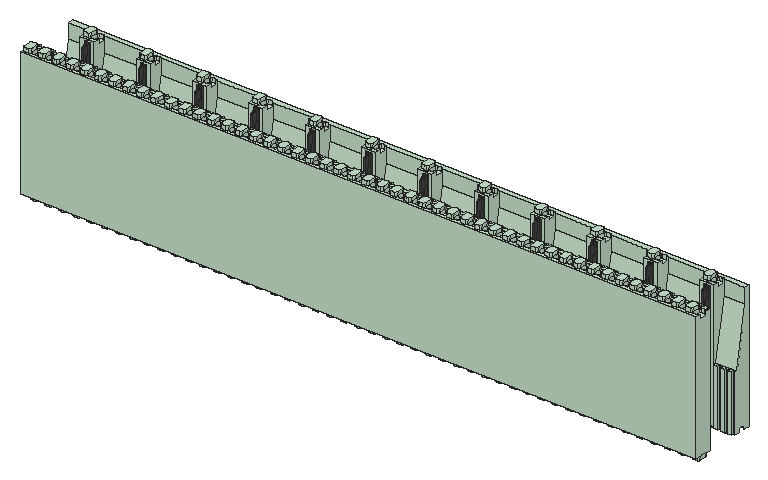
Revit family (continued)
Cuts and joins
  Extrusion 50, Extrusion 51, Extrusion 52, Extrusion 53, Extrusion 54, Extrusion 55, Extrusion 56, Extrusion 57, Extrusion 58, Extrusion 59, Extrusion 60, Extrusion 61, Extrusion 110, Extrusion 111, Extrusion 112, Extrusion 113, Extrusion 114, Extrusion 115, Extrusion 116, Extrusion 117, Extrusion 118, Extrusion 119, Extrusion 120, Extrusion 121, Extrusion 122, Extrusion 123, Extrusion 124, Extrusion 125, Extrusion 126, Extrusion 127, Extrusion 128, Extrusion 129, Extrusion 130, Extrusion 131, Extrusion 132, Extrusion 133, Extrusion 134, Extrusion 135, Extrusion 136, Extrusion 137, Extrusion 138, Extrusion 139, Extrusion 140, Extrusion 141, Extrusion 142, Extrusion 143, Extrusion 144, Extrusion 145, Extrusion 146, Extrusion 147, Extrusion 148, Extrusion 149, Extrusion 150, Extrusion 151, Extrusion 152, Extrusion 153, Extrusion 154, Extrusion 155, Extrusion 156, Extrusion 157 cuts Extrusion 158
  Extrusion 61 cuts Extrusion 159
  Extrusion 60 cuts Extrusion 160
  Extrusion 59 cuts Extrusion 161
  Extrusion 58 cuts Extrusion 162
  Extrusion 57 cuts Extrusion 163
  Extrusion 56 cuts Extrusion 164
  Extrusion 55 cuts Extrusion 165
  Extrusion 54 cuts Extrusion 166
  Extrusion 53 cuts Extrusion 168
  Extrusion 52 cuts Extrusion 169
  Extrusion 51 cuts Extrusion 170
  Extrusion 50 cuts Extrusion 171
  joined: Extrusion 158, Extrusion 159, Extrusion 160, Extrusion 161, Extrusion 162, Extrusion 163, Extrusion 164, Extrusion 165, Extrusion 166, Extrusion 168, Extrusion 169, Extrusion 170, Extrusion 171, Extrusion 172
  Extrusion 53 cuts Extrusion 167
Lines and regions (mm)
  model lines
    curve 1: line (203.2, -92.077, 457.2) -> (203.2, -92.077, 0)
    curve 2: line (2235.2, 142.873, 457.2) -> (2235.2, 142.873, 0)
    curve 3: line (1625.6, 142.873, 457.2) -> (1625.6, 142.873, 0)
    curve 4: line (1016, 142.873, 457.2) -> (1016, 142.873, 0)
    curve 5: line (406.4, 142.873, 457.2) -> (406.4, 142.873, 0)
Dimensions and locks
  aligned and locked: level to plane 2
  aligned and locked: level to Extrusion 1
Nested families
  nested 1: "NUDURA Diamond Pattern" at (0, 50.798, 0), type "NUDURA Diamond Pattern"
  nested 2: "NUDURA Diamond Pattern" at (406.4, 50.798, 0), type "NUDURA Diamond Pattern"
  nested 3: "NUDURA Diamond Pattern" at (609.6, 50.798, 0), type "NUDURA Diamond Pattern"
  nested 4: "NUDURA Diamond Pattern" at (1016, 50.798, 0), type "NUDURA Diamond Pattern"
  nested 5: "NUDURA Diamond Pattern" at (1219.2, 50.798, 0), type "NUDURA Diamond Pattern"
  nested 6: "NUDURA Diamond Pattern" at (1625.6, 50.798, 0), type "NUDURA Diamond Pattern"
  nested 7: "NUDURA Diamond Pattern" at (1828.8, 50.798, 0), type "NUDURA Diamond Pattern"
  nested 8: "NUDURA Diamond Pattern" at (2235.2, 50.798, 0), type "NUDURA Diamond Pattern"
  nested 9: "NUDURA Diamond Pattern" at (0, -0.002, 0), type "NUDURA Diamond Pattern"
  nested 10: "NUDURA Diamond Pattern" at (406.4, -0.002, 0), type "NUDURA Diamond Pattern"
  nested 11: "NUDURA Diamond Pattern" at (609.6, -0.002, 0), type "NUDURA Diamond Pattern"
  nested 12: "NUDURA Diamond Pattern" at (1016, -0.002, 0), type "NUDURA Diamond Pattern"
  nested 13: "NUDURA Diamond Pattern" at (1219.2, -0.002, 0), type "NUDURA Diamond Pattern"
  nested 14: "NUDURA Diamond Pattern" at (1625.6, -0.002, 0), type "NUDURA Diamond Pattern"
  nested 15: "NUDURA Diamond Pattern" at (1828.8, -0.002, 0), type "NUDURA Diamond Pattern"
  nested 16: "NUDURA Diamond Pattern" at (2235.2, -0.002, 0), type "NUDURA Diamond Pattern"
  nested 17: "Interlock Tooth" at (50.8, 50.798, 0), type "Interlock Tooth"
  nested 18: "Interlock Tooth" at (101.6, 50.798, 0), type "Interlock Tooth"
  nested 19: "Interlock Tooth" at (152.4, 50.798, 0), type "Interlock Tooth"
  nested 20: "Interlock Tooth" at (203.2, 50.798, 0), type "Interlock Tooth"
  nested 21: "Interlock Tooth" at (254, 50.798, 0), type "Interlock Tooth"
  nested 22: "Interlock Tooth" at (304.8, 50.798, 0), type "Interlock Tooth"
  nested 23: "Interlock Tooth" at (355.6, 50.798, 0), type "Interlock Tooth"
  nested 24: "Interlock Tooth" at (406.4, 50.798, 0), type "Interlock Tooth"
  nested 25: "Interlock Tooth" at (457.2, 50.798, 0), type "Interlock Tooth"
  nested 26: "Interlock Tooth" at (508, 50.798, 0), type "Interlock Tooth"
  nested 27: "Interlock Tooth" at (558.8, 50.798, 0), type "Interlock Tooth"
  nested 28: "Interlock Tooth" at (609.6, 50.798, 0), type "Interlock Tooth"
  nested 29: "Interlock Tooth" at (660.4, 50.798, 0), type "Interlock Tooth"
  nested 30: "Interlock Tooth" at (711.2, 50.798, 0), type "Interlock Tooth"
  nested 31: "Interlock Tooth" at (762, 50.798, 0), type "Interlock Tooth"
  nested 32: "Interlock Tooth" at (812.8, 50.798, 0), type "Interlock Tooth"
  nested 33: "Interlock Tooth" at (863.6, 50.798, 0), type "Interlock Tooth"
  nested 34: "Interlock Tooth" at (914.4, 50.798, 0), type "Interlock Tooth"
  nested 35: "Interlock Tooth" at (965.2, 50.798, 0), type "Interlock Tooth"
  nested 36: "Interlock Tooth" at (1016, 50.798, 0), type "Interlock Tooth"
  nested 37: "Interlock Tooth" at (1066.8, 50.798, 0), type "Interlock Tooth"
  nested 38: "Interlock Tooth" at (1117.6, 50.798, 0), type "Interlock Tooth"
  nested 39: "Interlock Tooth" at (1168.4, 50.798, 0), type "Interlock Tooth"
  nested 40: "Interlock Tooth" at (1219.2, 50.798, 0), type "Interlock Tooth"
  nested 41: "Interlock Tooth" at (1270, 50.798, 0), type "Interlock Tooth"
  nested 42: "Interlock Tooth" at (1320.8, 50.798, 0), type "Interlock Tooth"
  nested 43: "Interlock Tooth" at (1371.6, 50.798, 0), type "Interlock Tooth"
  nested 44: "Interlock Tooth" at (1422.4, 50.798, 0), type "Interlock Tooth"
  nested 45: "Interlock Tooth" at (1473.2, 50.798, 0), type "Interlock Tooth"
  nested 46: "Interlock Tooth" at (1524, 50.798, 0), type "Interlock Tooth"
  nested 47: "Interlock Tooth" at (1574.8, 50.798, 0), type "Interlock Tooth"
  nested 48: "Interlock Tooth" at (1625.6, 50.798, 0), type "Interlock Tooth"
  nested 49: "Interlock Tooth" at (1676.4, 50.798, 0), type "Interlock Tooth"
  nested 50: "Interlock Tooth" at (1727.2, 50.798, 0), type "Interlock Tooth"
  nested 51: "Interlock Tooth" at (1778, 50.798, 0), type "Interlock Tooth"
  nested 52: "Interlock Tooth" at (1828.8, 50.798, 0), type "Interlock Tooth"
  nested 53: "Interlock Tooth" at (1879.6, 50.798, 0), type "Interlock Tooth"
  nested 54: "Interlock Tooth" at (1930.4, 50.798, 0), type "Interlock Tooth"
  nested 55: "Interlock Tooth" at (1981.2, 50.798, 0), type "Interlock Tooth"
  nested 56: "Interlock Tooth" at (2032, 50.798, 0), type "Interlock Tooth"
  nested 57: "Interlock Tooth" at (2082.8, 50.798, 0), type "Interlock Tooth"
  nested 58: "Interlock Tooth" at (2133.6, 50.798, 0), type "Interlock Tooth"
  nested 59: "Interlock Tooth" at (2184.4, 50.798, 0), type "Interlock Tooth"
  nested 60: "Interlock Tooth" at (2235.2, 50.798, 0), type "Interlock Tooth"
  nested 61: "Interlock Tooth" at (2286, 50.798, 0), type "Interlock Tooth"
  nested 62: "Interlock Tooth" at (2336.8, 50.798, 0), type "Interlock Tooth"
  nested 63: "Interlock Tooth" at (2387.6, 50.798, 0), type "Interlock Tooth"
  nested 64: "Interlock Tooth" at (76.2, 225.423, 0), type "Interlock Tooth"
  nested 65: "Interlock Tooth" at (279.4, 225.423, 0), type "Interlock Tooth"
  nested 66: "Interlock Tooth" at (482.6, 225.423, 0), type "Interlock Tooth"
  nested 67: "Interlock Tooth" at (685.8, 225.423, 0), type "Interlock Tooth"
  nested 68: "Interlock Tooth" at (889, 225.423, 0), type "Interlock Tooth"
  nested 69: "Interlock Tooth" at (1092.2, 225.423, 0), type "Interlock Tooth"
  nested 70: "Interlock Tooth" at (1295.4, 225.423, 0), type "Interlock Tooth"
  nested 71: "Interlock Tooth" at (1498.6, 225.423, 0), type "Interlock Tooth"
  nested 72: "Interlock Tooth" at (1701.8, 225.423, 0), type "Interlock Tooth"
  nested 73: "Interlock Tooth" at (1905, 225.423, 0), type "Interlock Tooth"
  nested 74: "Interlock Tooth" at (2108.2, 225.423, 0), type "Interlock Tooth"
  nested 75: "Interlock Tooth" at (2311.4, 225.423, 0), type "Interlock Tooth"
  nested 76: "Interlock Tooth" at (25.4, -174.627, -469.9), type "Interlock Tooth"
  nested 77: "Interlock Tooth" at (76.2, -174.627, -469.9), type "Interlock Tooth"
  nested 78: "Interlock Tooth" at (127, -174.627, -469.9), type "Interlock Tooth"
  nested 79: "Interlock Tooth" at (177.8, -174.627, -469.9), type "Interlock Tooth"
  nested 80: "Interlock Tooth" at (228.6, -174.627, -469.9), type "Interlock Tooth"
  nested 81: "Interlock Tooth" at (279.4, -174.627, -469.9), type "Interlock Tooth"
  nested 82: "Interlock Tooth" at (330.2, -174.627, -469.9), type "Interlock Tooth"
  nested 83: "Interlock Tooth" at (381, -174.627, -469.9), type "Interlock Tooth"
  nested 84: "Interlock Tooth" at (431.8, -174.627, -469.9), type "Interlock Tooth"
  nested 85: "Interlock Tooth" at (482.6, -174.627, -469.9), type "Interlock Tooth"
  nested 86: "Interlock Tooth" at (533.4, -174.627, -469.9), type "Interlock Tooth"
  nested 87: "Interlock Tooth" at (584.2, -174.627, -469.9), type "Interlock Tooth"
  nested 88: "Interlock Tooth" at (635, -174.627, -469.9), type "Interlock Tooth"
  nested 89: "Interlock Tooth" at (685.8, -174.627, -469.9), type "Interlock Tooth"
  nested 90: "Interlock Tooth" at (736.6, -174.627, -469.9), type "Interlock Tooth"
  nested 91: "Interlock Tooth" at (787.4, -174.627, -469.9), type "Interlock Tooth"
  nested 92: "Interlock Tooth" at (838.2, -174.627, -469.9), type "Interlock Tooth"
  nested 93: "Interlock Tooth" at (889, -174.627, -469.9), type "Interlock Tooth"
  nested 94: "Interlock Tooth" at (939.8, -174.627, -469.9), type "Interlock Tooth"
  nested 95: "Interlock Tooth" at (990.6, -174.627, -469.9), type "Interlock Tooth"
  nested 96: "Interlock Tooth" at (1041.4, -174.627, -469.9), type "Interlock Tooth"
  nested 97: "Interlock Tooth" at (1092.2, -174.627, -469.9), type "Interlock Tooth"
  nested 98: "Interlock Tooth" at (1143, -174.627, -469.9), type "Interlock Tooth"
  nested 99: "Interlock Tooth" at (1193.8, -174.627, -469.9), type "Interlock Tooth"
  nested 100: "Interlock Tooth" at (1244.6, -174.627, -469.9), type "Interlock Tooth"
  nested 101: "Interlock Tooth" at (1295.4, -174.627, -469.9), type "Interlock Tooth"
  nested 102: "Interlock Tooth" at (1346.2, -174.627, -469.9), type "Interlock Tooth"
  nested 103: "Interlock Tooth" at (1397, -174.627, -469.9), type "Interlock Tooth"
  nested 104: "Interlock Tooth" at (1447.8, -174.627, -469.9), type "Interlock Tooth"
  nested 105: "Interlock Tooth" at (1498.6, -174.627, -469.9), type "Interlock Tooth"
  nested 106: "Interlock Tooth" at (1549.4, -174.627, -469.9), type "Interlock Tooth"
  nested 107: "Interlock Tooth" at (1600.2, -174.627, -469.9), type "Interlock Tooth"
  nested 108: "Interlock Tooth" at (1651, -174.627, -469.9), type "Interlock Tooth"
  nested 109: "Interlock Tooth" at (1701.8, -174.627, -469.9), type "Interlock Tooth"
  nested 110: "Interlock Tooth" at (1752.6, -174.627, -469.9), type "Interlock Tooth"
  nested 111: "Interlock Tooth" at (1803.4, -174.627, -469.9), type "Interlock Tooth"
  nested 112: "Interlock Tooth" at (1854.2, -174.627, -469.9), type "Interlock Tooth"
  nested 113: "Interlock Tooth" at (1905, -174.627, -469.9), type "Interlock Tooth"
  nested 114: "Interlock Tooth" at (1955.8, -174.627, -469.9), type "Interlock Tooth"
  nested 115: "Interlock Tooth" at (2006.6, -174.627, -469.9), type "Interlock Tooth"
  nested 116: "Interlock Tooth" at (2057.4, -174.627, -469.9), type "Interlock Tooth"
  nested 117: "Interlock Tooth" at (2108.2, -174.627, -469.9), type "Interlock Tooth"
  nested 118: "Interlock Tooth" at (2159, -174.627, -469.9), type "Interlock Tooth"
  nested 119: "Interlock Tooth" at (2209.8, -174.627, -469.9), type "Interlock Tooth"
  nested 120: "Interlock Tooth" at (2260.6, -174.627, -469.9), type "Interlock Tooth"
  nested 121: "Interlock Tooth" at (2311.4, -174.627, -469.9), type "Interlock Tooth"
  nested 122: "Interlock Tooth" at (2362.2, -174.627, -469.9), type "Interlock Tooth"
  nested 123: "Interlock Tooth" at (2413, -174.627, -469.9), type "Interlock Tooth"
  nested 124: "Interlock Tooth" at (0, -0.002, -469.9), type "Interlock Tooth"
  nested 125: "Interlock Tooth" at (50.8, -0.002, -469.9), type "Interlock Tooth"
  nested 126: "Interlock Tooth" at (101.6, -0.002, -469.9), type "Interlock Tooth"
  nested 127: "Interlock Tooth" at (152.4, -0.002, -469.9), type "Interlock Tooth"
  nested 128: "Interlock Tooth" at (203.2, -0.002, -469.9), type "Interlock Tooth"
  nested 129: "Interlock Tooth" at (254, -0.002, -469.9), type "Interlock Tooth"
  nested 130: "Interlock Tooth" at (304.8, -0.002, -469.9), type "Interlock Tooth"
  nested 131: "Interlock Tooth" at (355.6, -0.002, -469.9), type "Interlock Tooth"
  nested 132: "Interlock Tooth" at (406.4, -0.002, -469.9), type "Interlock Tooth"
  nested 133: "Interlock Tooth" at (457.2, -0.002, -469.9), type "Interlock Tooth"
  nested 134: "Interlock Tooth" at (508, -0.002, -469.9), type "Interlock Tooth"
  nested 135: "Interlock Tooth" at (558.8, -0.002, -469.9), type "Interlock Tooth"
  nested 136: "Interlock Tooth" at (609.6, -0.002, -469.9), type "Interlock Tooth"
  nested 137: "Interlock Tooth" at (660.4, -0.002, -469.9), type "Interlock Tooth"
  nested 138: "Interlock Tooth" at (711.2, -0.002, -469.9), type "Interlock Tooth"
  nested 139: "Interlock Tooth" at (762, -0.002, -469.9), type "Interlock Tooth"
  nested 140: "Interlock Tooth" at (812.8, -0.002, -469.9), type "Interlock Tooth"
  nested 141: "Interlock Tooth" at (863.6, -0.002, -469.9), type "Interlock Tooth"
  nested 142: "Interlock Tooth" at (914.4, -0.002, -469.9), type "Interlock Tooth"
  nested 143: "Interlock Tooth" at (965.2, -0.002, -469.9), type "Interlock Tooth"
  nested 144: "Interlock Tooth" at (1016, -0.002, -469.9), type "Interlock Tooth"
  nested 145: "Interlock Tooth" at (1066.8, -0.002, -469.9), type "Interlock Tooth"
  nested 146: "Interlock Tooth" at (1117.6, -0.002, -469.9), type "Interlock Tooth"
  nested 147: "Interlock Tooth" at (1168.4, -0.002, -469.9), type "Interlock Tooth"
  nested 148: "Interlock Tooth" at (1219.2, -0.002, -469.9), type "Interlock Tooth"
  nested 149: "Interlock Tooth" at (1270, -0.002, -469.9), type "Interlock Tooth"
  nested 150: "Interlock Tooth" at (1320.8, -0.002, -469.9), type "Interlock Tooth"
  nested 151: "Interlock Tooth" at (1371.6, -0.002, -469.9), type "Interlock Tooth"
  nested 152: "Interlock Tooth" at (1422.4, -0.002, -469.9), type "Interlock Tooth"
  nested 153: "Interlock Tooth" at (1473.2, -0.002, -469.9), type "Interlock Tooth"
  nested 154: "Interlock Tooth" at (1524, -0.002, -469.9), type "Interlock Tooth"
  nested 155: "Interlock Tooth" at (1574.8, -0.002, -469.9), type "Interlock Tooth"
  nested 156: "Interlock Tooth" at (1625.6, -0.002, -469.9), type "Interlock Tooth"
  nested 157: "Interlock Tooth" at (1676.4, -0.002, -469.9), type "Interlock Tooth"
  nested 158: "Interlock Tooth" at (1727.2, -0.002, -469.9), type "Interlock Tooth"
  nested 159: "Interlock Tooth" at (1778, -0.002, -469.9), type "Interlock Tooth"
  nested 160: "Interlock Tooth" at (1828.8, -0.002, -469.9), type "Interlock Tooth"
  nested 161: "Interlock Tooth" at (1879.6, -0.002, -469.9), type "Interlock Tooth"
  nested 162: "Interlock Tooth" at (1930.4, -0.002, -469.9), type "Interlock Tooth"
  nested 163: "Interlock Tooth" at (1981.2, -0.002, -469.9), type "Interlock Tooth"
  nested 164: "Interlock Tooth" at (2032, -0.002, -469.9), type "Interlock Tooth"
  nested 165: "Interlock Tooth" at (2082.8, -0.002, -469.9), type "Interlock Tooth"
  nested 166: "Interlock Tooth" at (2133.6, -0.002, -469.9), type "Interlock Tooth"
  nested 167: "Interlock Tooth" at (2184.4, -0.002, -469.9), type "Interlock Tooth"
  nested 168: "Interlock Tooth" at (2235.2, -0.002, -469.9), type "Interlock Tooth"
  nested 169: "Interlock Tooth" at (2286, -0.002, -469.9), type "Interlock Tooth"
  nested 170: "Interlock Tooth" at (2336.8, -0.002, -469.9), type "Interlock Tooth"
  nested 171: "Interlock Tooth" at (2387.6, -0.002, -469.9), type "Interlock Tooth"
  nested 172: "NUDURA Logo Diamond" at (0, -92.077, 0), type "NUDURA Logo Diamond"
  nested 173: "NUDURA Logo Diamond" at (609.6, -92.077, 0), type "NUDURA Logo Diamond"
  nested 174: "NUDURA Logo Diamond" at (1219.2, -92.077, 0), type "NUDURA Logo Diamond"
  nested 175: "NUDURA Logo Diamond" at (1828.8, -92.077, 0), type "NUDURA Logo Diamond"
  nested 176: "NUDURA Logo Diamond" at (2438.335, 142.873, 0) x (-1, 0, 0) z (0, 0, 1), type "NUDURA Logo Diamond"
  nested 177: "NUDURA Logo Diamond" at (1828.735, 142.873, 0) x (-1, 0, 0) z (0, 0, 1), type "NUDURA Logo Diamond"
  nested 178: "NUDURA Logo Diamond" at (1219.135, 142.873, 0) x (-1, 0, 0) z (0, 0, 1), type "NUDURA Logo Diamond"
  nested 179: "NUDURA Logo Diamond" at (609.535, 142.873, 0) x (-1, 0, 0) z (0, 0, 1), type "NUDURA Logo Diamond"
  nested 180: "4-inch Insert Web" at (101.6, 25.398, 0), type "4-inch Insert Web"
  nested 181: "4-inch Insert Web" at (304.8, 25.398, 0), type "4-inch Insert Web"
  nested 182: "4-inch Insert Web" at (508, 25.398, 0), type "4-inch Insert Web"
  nested 183: "4-inch Insert Web" at (711.2, 25.398, 0), type "4-inch Insert Web"
  nested 184: "4-inch Insert Web" at (914.4, 25.398, 0), type "4-inch Insert Web"
  nested 185: "4-inch Insert Web" at (1117.6, 25.398, 0), type "4-inch Insert Web"
  nested 186: "4-inch Insert Web" at (1320.8, 25.398, 0), type "4-inch Insert Web"
  nested 187: "4-inch Insert Web" at (1524, 25.398, 0), type "4-inch Insert Web"
  nested 188: "4-inch Insert Web" at (1727.2, 25.398, 0), type "4-inch Insert Web"
  nested 189: "4-inch Insert Web" at (2133.6, 25.398, 0), type "4-inch Insert Web"
  nested 190: "4-inch Insert Web" at (2336.8, 25.398, 0), type "4-inch Insert Web"
  nested 191: "4-inch Insert Web" at (1930.4, 25.398, 0), type "4-inch Insert Web"
  nested 192: "Interlock Tooth" at (0, 50.798, 0), type "Interlock Tooth"
Definition of nested family "Interlock Tooth"
  Reference planes
    plane 1 "Center (Front/Back)": y = 0
    plane 2: z = 0
    plane 3 "Center (Left/Right)": x = 0
    plane 4: z = 457.2
    plane 5: z = 469.9
    plane 6: z = -12.7
  Forms (mm)
    Extrusion 1, solid, material "NUDURA Expanded Polystyrene Foam Insulation"
      sketch origin (0, -225.425, 0) x (1, 0, 0) y (0, 1, 0)
        loop
          arc (0, 101.014) -> (1.215, 97.278) -> (4.396, 94.972) r 6.35
          arc (4.396, 94.972) -> (12.7, 93.663) -> (21.004, 94.972) r 26.988
          arc (21.004, 94.972) -> (24.185, 97.278) -> (25.4, 101.014) r 6.35
          line (25.4, 101.014) -> (25.4, 124.411)
          arc (25.4, 124.411) -> (24.185, 128.147) -> (21.004, 130.453) r 6.35
          arc (21.004, 130.453) -> (12.7, 131.763) -> (4.396, 130.453) r 26.987
          arc (4.396, 130.453) -> (1.215, 128.147) -> (0, 124.411) r 6.35
          line (0, 124.411) -> (0, 101.014)
      from 457.2 to 469.9
  Dimensions and locks
    locked: plane 4 to level at 457.2
    locked: plane 4 to plane 5 at 12.7
    locked: plane 6 to level at 12.7
Definition of nested family "4-inch Insert Web"
  Reference planes
    plane 1 "Center (Front/Back)": y = 0
    plane 2: z = 0
    plane 3 "Center (Left/Right)": x = 0
  Forms (mm)
    Extrusion 1, solid, material "High Density Polystyrene"
      sketch origin (0, 0, 0) x (0, 1, 0) y (0, 0, 1)
        loop
          line (57.15, 0) -> (57.15, 450.744)
          arc (57.15, 450.744) -> (56.417, 450.243) -> (56.134, 449.4) r 1.397
          line (56.134, 449.4) -> (56.134, 1.344)
          arc (56.134, 1.344) -> (56.417, 0.502) -> (57.15, 0) r 1.397
        loop
          arc (-57.15, 0) -> (-56.417, 0.502) -> (-56.134, 1.344) r 1.397
          line (-56.134, 1.344) -> (-56.134, 449.4)
          arc (-56.134, 449.4) -> (-56.417, 450.243) -> (-57.15, 450.744) r 1.397
          line (-57.15, 450.744) -> (-57.15, 0)
      from 9.227 to -9.227
    Extrusion 2, solid, material "High Density Polystyrene"
      sketch origin (0, 0, 0) x (0, 1, 0) y (0, 0, 1)
        loop
          arc (55.598, 442.16) -> (55.975, 442.021) -> (56.134, 441.652) r 0.508
          line (56.134, 441.652) -> (56.134, 447.972)
          arc (56.134, 447.972) -> (56.029, 447.585) -> (55.742, 447.306) r 0.762
          line (55.742, 447.306) -> (53.986, 446.33)
          arc (53.986, 446.33) -> (53.699, 446.05) -> (53.594, 445.664) r 0.762
          line (53.594, 445.664) -> (53.594, 442.585)
          arc (53.594, 442.585) -> (53.753, 442.216) -> (54.13, 442.078) r 0.508
          line (54.13, 442.078) -> (55.598, 442.16)
        loop
          line (-53.986, 446.33) -> (-55.742, 447.306)
          arc (-55.742, 447.306) -> (-56.029, 447.585) -> (-56.134, 447.972) r 0.762
          line (-56.134, 447.972) -> (-56.134, 441.652)
          arc (-56.134, 441.652) -> (-55.975, 442.021) -> (-55.598, 442.16) r 0.508
          line (-55.598, 442.16) -> (-54.13, 442.078)
          arc (-54.13, 442.078) -> (-53.753, 442.216) -> (-53.594, 442.585) r 0.508
          line (-53.594, 442.585) -> (-53.594, 445.664)
          arc (-53.594, 445.664) -> (-53.699, 446.05) -> (-53.986, 446.33) r 0.762
        loop
          line (55.598, 8.585) -> (54.13, 8.666)
          arc (54.13, 8.666) -> (53.753, 8.528) -> (53.594, 8.159) r 0.508
          line (53.594, 8.159) -> (53.594, 5.08)
          arc (53.594, 5.08) -> (53.699, 4.694) -> (53.986, 4.414) r 0.762
          line (53.986, 4.414) -> (55.742, 3.439)
          arc (55.742, 3.439) -> (56.029, 3.159) -> (56.134, 2.772) r 0.762
          line (56.134, 2.772) -> (56.134, 9.092)
          arc (56.134, 9.092) -> (55.975, 8.723) -> (55.598, 8.585) r 0.508
        loop
          arc (-53.986, 4.414) -> (-53.699, 4.694) -> (-53.594, 5.08) r 0.762
          line (-53.594, 5.08) -> (-53.594, 8.159)
          arc (-53.594, 8.159) -> (-53.753, 8.528) -> (-54.13, 8.666) r 0.508
          line (-54.13, 8.666) -> (-55.598, 8.585)
          arc (-55.598, 8.585) -> (-55.975, 8.723) -> (-56.134, 9.092) r 0.508
          line (-56.134, 9.092) -> (-56.134, 2.772)
          arc (-56.134, 2.772) -> (-56.029, 3.159) -> (-55.742, 3.439) r 0.762
          line (-55.742, 3.439) -> (-53.986, 4.414)
        loop
          line (50.8, 437.076) -> (48.895, 442.918)
          arc (48.895, 442.918) -> (47.625, 443.68) -> (46.355, 442.918) r 1.439
          line (46.355, 442.918) -> (45.113, 439.108) -> (41.883, 439.108)
          arc (41.883, 439.108) -> (41.004, 438.744) -> (40.64, 437.865) r 1.243
          line (40.64, 437.865) -> (40.64, 437.076) -> (38.1, 437.076) -> (38.1, 400.201)
          arc (38.1, 400.201) -> (36.344, 393.421) -> (31.518, 388.345) r 13.97
          arc (31.518, 388.345) -> (30.285, 386.915) -> (30.081, 385.039) r 3.175
          arc (30.081, 385.039) -> (18.776, 376.743) -> (19.602, 390.741) r 7.747
          arc (19.602, 390.741) -> (22.454, 398.563) -> (14.366, 400.538) r 5.588
          arc (14.366, 400.538) -> (7.52, 397.224) -> (0, 396.085) r 25.4
          arc (0, 396.085) -> (-7.52, 397.224) -> (-14.366, 400.538) r 25.4
          arc (-14.366, 400.538) -> (-22.454, 398.563) -> (-19.602, 390.741) r 5.588
          arc (-19.602, 390.741) -> (-18.776, 376.743) -> (-30.081, 385.039) r 7.747
          arc (-30.081, 385.039) -> (-30.285, 386.915) -> (-31.518, 388.345) r 3.175
          arc (-31.518, 388.345) -> (-36.344, 393.421) -> (-38.1, 400.201) r 13.97
          line (-38.1, 400.201) -> (-38.1, 437.076) -> (-40.64, 437.076) -> (-40.64, 437.865)
          arc (-40.64, 437.865) -> (-41.004, 438.744) -> (-41.883, 439.108) r 1.243
          line (-41.883, 439.108) -> (-45.113, 439.108) -> (-46.355, 442.918)
          arc (-46.355, 442.918) -> (-47.625, 443.68) -> (-48.895, 442.918) r 1.439
          line (-48.895, 442.918) -> (-50.8, 437.076) -> (-50.8, 16.896) -> (-48.895, 11.054)
          arc (-48.895, 11.054) -> (-47.625, 10.292) -> (-46.355, 11.054) r 1.439
          line (-46.355, 11.054) -> (-45.113, 14.864) -> (-41.883, 14.864)
          arc (-41.883, 14.864) -> (-41.004, 15.228) -> (-40.64, 16.107) r 1.243
          line (-40.64, 16.107) -> (-40.64, 16.896) -> (-38.1, 16.896) -> (-38.1, 56.999)
          arc (-38.1, 56.999) -> (-36.344, 63.779) -> (-31.518, 68.855) r 13.97
          arc (-31.518, 68.855) -> (-30.285, 70.285) -> (-30.081, 72.161) r 3.175
          arc (-30.081, 72.161) -> (-18.776, 80.457) -> (-19.602, 66.459) r 7.747
          arc (-19.602, 66.459) -> (-22.454, 58.637) -> (-14.366, 56.662) r 5.588
          arc (-14.366, 56.662) -> (-7.52, 59.976) -> (0, 61.115) r 25.4
          arc (0, 61.115) -> (7.52, 59.976) -> (14.366, 56.662) r 25.4
          arc (14.366, 56.662) -> (22.454, 58.637) -> (19.602, 66.459) r 5.588
          arc (19.602, 66.459) -> (18.776, 80.457) -> (30.081, 72.161) r 7.747
          arc (30.081, 72.161) -> (30.285, 70.285) -> (31.518, 68.855) r 3.175
          arc (31.518, 68.855) -> (36.344, 63.779) -> (38.1, 56.999) r 13.97
          line (38.1, 56.999) -> (38.1, 16.896) -> (40.64, 16.896) -> (40.64, 16.107)
          arc (40.64, 16.107) -> (41.004, 15.228) -> (41.883, 14.864) r 1.243
          line (41.883, 14.864) -> (45.113, 14.864) -> (46.355, 11.054)
          arc (46.355, 11.054) -> (47.625, 10.292) -> (48.895, 11.054) r 1.439
          line (48.895, 11.054) -> (50.8, 16.896) -> (50.8, 437.076)
        loop
          line (28.016, 366.947) -> (8.37, 357.753)
          arc (8.37, 357.753) -> (4.342, 351.679) -> (1.524, 344.958) r 38.683
          line (1.524, 344.958) -> (1.524, 330.717)
          arc (1.524, 330.717) -> (4.39, 325.677) -> (9.462, 322.866) r 10.723
          line (9.462, 322.866) -> (28.575, 322.866)
          arc (28.575, 322.866) -> (34.302, 326.664) -> (38.1, 332.391) r 17.304
          line (38.1, 332.391) -> (38.1, 358.508)
          arc (38.1, 358.508) -> (34.431, 364.369) -> (28.016, 366.947) r 11.169
        loop
          arc (-28.016, 366.947) -> (-34.431, 364.369) -> (-38.1, 358.508) r 11.169
          line (-38.1, 358.508) -> (-38.1, 332.391)
          arc (-38.1, 332.391) -> (-34.302, 326.664) -> (-28.575, 322.866) r 17.304
          line (-28.575, 322.866) -> (-9.462, 322.866)
          arc (-9.462, 322.866) -> (-4.39, 325.677) -> (-1.524, 330.717) r 10.723
          line (-1.524, 330.717) -> (-1.524, 344.958)
          arc (-1.524, 344.958) -> (-4.342, 351.679) -> (-8.37, 357.753) r 38.683
          line (-8.37, 357.753) -> (-28.016, 366.947)
        loop
          arc (28.016, 274.213) -> (34.431, 276.792) -> (38.1, 282.652) r 11.169
          line (38.1, 282.652) -> (38.1, 308.769)
          arc (38.1, 308.769) -> (34.302, 314.497) -> (28.575, 318.294) r 17.304
          line (28.575, 318.294) -> (9.462, 318.294)
          arc (9.462, 318.294) -> (4.39, 315.483) -> (1.524, 310.443) r 10.723
          line (1.524, 310.443) -> (1.524, 296.202)
          arc (1.524, 296.202) -> (4.342, 289.481) -> (8.37, 283.408) r 38.683
          line (8.37, 283.408) -> (28.016, 274.213)
        loop
          line (-28.016, 274.213) -> (-8.37, 283.408)
          arc (-8.37, 283.408) -> (-4.342, 289.481) -> (-1.524, 296.202) r 38.683
          line (-1.524, 296.202) -> (-1.524, 310.443)
          arc (-1.524, 310.443) -> (-4.39, 315.483) -> (-9.462, 318.294) r 10.723
          line (-9.462, 318.294) -> (-28.575, 318.294)
          arc (-28.575, 318.294) -> (-34.302, 314.497) -> (-38.1, 308.769) r 17.304
          line (-38.1, 308.769) -> (-38.1, 282.652)
          arc (-38.1, 282.652) -> (-34.431, 276.792) -> (-28.016, 274.213) r 11.169
        loop
          arc (10.766, 277.238) -> (5.515, 279.027) -> (0, 279.633) r 25.4
          arc (0, 279.633) -> (-5.515, 279.027) -> (-10.766, 277.238) r 25.4
          line (-10.766, 277.238) -> (-30.783, 267.87)
          arc (-30.783, 267.87) -> (-36.116, 263.184) -> (-38.1, 256.368) r 12.7
          line (-38.1, 256.368) -> (-38.1, 236.534) -> (-35.052, 231.454) -> (-35.052, 228.6) -> (-35.052, 225.746) -> (-38.1, 220.666) -> (-38.1, 200.832)
          arc (-38.1, 200.832) -> (-36.116, 194.016) -> (-30.783, 189.33) r 12.7
          line (-30.783, 189.33) -> (-10.766, 179.962)
          arc (-10.766, 179.962) -> (-5.515, 178.173) -> (0, 177.567) r 25.4
          arc (0, 177.567) -> (5.515, 178.173) -> (10.766, 179.962) r 25.4
          line (10.766, 179.962) -> (30.783, 189.33)
          arc (30.783, 189.33) -> (36.116, 194.016) -> (38.1, 200.832) r 12.7
          line (38.1, 200.832) -> (38.1, 220.666) -> (35.052, 225.746) -> (35.052, 228.6) -> (35.052, 231.454) -> (38.1, 236.534) -> (38.1, 256.368)
          arc (38.1, 256.368) -> (36.116, 263.184) -> (30.783, 267.87) r 12.7
          line (30.783, 267.87) -> (10.766, 277.238)
        loop
          arc (28.016, 90.253) -> (34.431, 92.831) -> (38.1, 98.692) r 11.169
          line (38.1, 98.692) -> (38.1, 124.809)
          arc (38.1, 124.809) -> (34.302, 130.536) -> (28.575, 134.334) r 17.304
          line (28.575, 134.334) -> (9.462, 134.334)
          arc (9.462, 134.334) -> (4.39, 131.523) -> (1.524, 126.483) r 10.723
          line (1.524, 126.483) -> (1.524, 112.242)
          arc (1.524, 112.242) -> (4.342, 105.521) -> (8.37, 99.447) r 38.683
          line (8.37, 99.447) -> (28.016, 90.253)
        loop
          line (-28.016, 90.253) -> (-8.37, 99.447)
          arc (-8.37, 99.447) -> (-4.342, 105.521) -> (-1.524, 112.242) r 38.683
          line (-1.524, 112.242) -> (-1.524, 126.483)
          arc (-1.524, 126.483) -> (-4.39, 131.523) -> (-9.462, 134.334) r 10.723
          line (-9.462, 134.334) -> (-28.575, 134.334)
          arc (-28.575, 134.334) -> (-34.302, 130.536) -> (-38.1, 124.809) r 17.304
          line (-38.1, 124.809) -> (-38.1, 98.692)
          arc (-38.1, 98.692) -> (-34.431, 92.831) -> (-28.016, 90.253) r 11.169
        loop
          line (28.016, 182.987) -> (8.37, 173.792)
          arc (8.37, 173.792) -> (4.342, 167.719) -> (1.524, 160.998) r 38.683
          line (1.524, 160.998) -> (1.524, 146.757)
          arc (1.524, 146.757) -> (4.39, 141.717) -> (9.462, 138.906) r 10.723
          line (9.462, 138.906) -> (28.575, 138.906)
          arc (28.575, 138.906) -> (34.302, 142.703) -> (38.1, 148.431) r 17.304
          line (38.1, 148.431) -> (38.1, 174.548)
          arc (38.1, 174.548) -> (34.431, 180.408) -> (28.016, 182.987) r 11.169
        loop
          arc (-28.016, 182.987) -> (-34.431, 180.408) -> (-38.1, 174.548) r 11.169
          line (-38.1, 174.548) -> (-38.1, 148.431)
          arc (-38.1, 148.431) -> (-34.302, 142.703) -> (-28.575, 138.906) r 17.304
          line (-28.575, 138.906) -> (-9.462, 138.906)
          arc (-9.462, 138.906) -> (-4.39, 141.717) -> (-1.524, 146.757) r 10.723
          line (-1.524, 146.757) -> (-1.524, 160.998)
          arc (-1.524, 160.998) -> (-4.342, 167.719) -> (-8.37, 173.792) r 38.683
          line (-8.37, 173.792) -> (-28.016, 182.987)
      from 3.175 to -3.175
    Extrusion 3, solid, material "High Density Polystyrene"
      sketch origin (0, 0, 0) x (0, 1, 0) y (0, 0, 1)
        loop
          line (56.134, 410.919) -> (43.434, 410.919) -> (43.434, 380.439) -> (56.134, 380.439) -> (56.134, 410.919)
        loop
          line (56.134, 361.389) -> (43.434, 361.389) -> (43.434, 330.909) -> (56.134, 330.909) -> (56.134, 361.389)
        loop
          line (56.134, 311.859) -> (43.434, 311.859) -> (43.434, 281.379) -> (56.134, 281.379) -> (56.134, 311.859)
        loop
          line (56.134, 262.329) -> (43.434, 262.329) -> (43.434, 234.897) -> (56.134, 234.897) -> (56.134, 262.329)
        loop
          line (56.134, 215.847) -> (43.434, 215.847) -> (43.434, 188.415) -> (56.134, 188.415) -> (56.134, 215.847)
        loop
          line (56.134, 169.365) -> (43.434, 169.365) -> (43.434, 138.885) -> (56.134, 138.885) -> (56.134, 169.365)
        loop
          line (56.134, 119.835) -> (43.434, 119.835) -> (43.434, 89.355) -> (56.134, 89.355) -> (56.134, 119.835)
        loop
          line (56.134, 70.305) -> (43.434, 70.305) -> (43.434, 39.825) -> (56.134, 39.825) -> (56.134, 70.305)
        loop
          line (-56.134, 410.919) -> (-56.134, 380.439) -> (-43.434, 380.439) -> (-43.434, 410.919) -> (-56.134, 410.919)
        loop
          line (-56.134, 361.389) -> (-56.134, 330.909) -> (-43.434, 330.909) -> (-43.434, 361.389) -> (-56.134, 361.389)
        loop
          line (-56.134, 311.859) -> (-56.134, 281.379) -> (-43.434, 281.379) -> (-43.434, 311.859) -> (-56.134, 311.859)
        loop
          line (-56.134, 262.329) -> (-56.134, 234.897) -> (-43.434, 234.897) -> (-43.434, 262.329) -> (-56.134, 262.329)
        loop
          line (-56.134, 215.847) -> (-56.134, 188.415) -> (-43.434, 188.415) -> (-43.434, 215.847) -> (-56.134, 215.847)
        loop
          line (-56.134, 169.365) -> (-56.134, 138.885) -> (-43.434, 138.885) -> (-43.434, 169.365) -> (-56.134, 169.365)
        loop
          line (-56.134, 119.835) -> (-56.134, 89.355) -> (-43.434, 89.355) -> (-43.434, 119.835) -> (-56.134, 119.835)
        loop
          line (-56.134, 70.305) -> (-56.134, 39.825) -> (-43.434, 39.825) -> (-43.434, 70.305) -> (-56.134, 70.305)
      from 6.35 to -6.35
    Extrusion 4, void
      sketch origin (0, -25.4, 0) x (1, 0, 0) y (0, 1, 0)
        loop
          line (-6.35, 70.929) -> (-6.35, 68.834) -> (-4.255, 68.834)
          arc (-4.255, 68.834) -> (-5.736, 69.448) -> (-6.35, 70.929) r 2.095
      from 0 to 457.2
    Extrusion 5, void
      sketch origin (0, -25.4, 0) x (-1, 0, 0) y (0, -1, 0)
        loop
          arc (-6.35, -70.929) -> (-5.736, -69.448) -> (-4.255, -68.834) r 2.095
          line (-4.255, -68.834) -> (-6.35, -68.834) -> (-6.35, -70.929)
      from 0 to 457.2
    Extrusion 6, void
      sketch origin (0, 25.4, 0) x (1, 0, 0) y (0, 1, 0)
        loop
          arc (-6.35, -70.929) -> (-5.736, -69.448) -> (-4.255, -68.834) r 2.095
          line (-4.255, -68.834) -> (-6.35, -68.834) -> (-6.35, -70.929)
      from 0 to 457.2
    Extrusion 7, void
      sketch origin (0, 25.4, 0) x (-1, 0, 0) y (0, -1, 0)
        loop
          line (-6.35, 70.929) -> (-6.35, 68.834) -> (-4.255, 68.834)
          arc (-4.255, 68.834) -> (-5.736, 69.448) -> (-6.35, 70.929) r 2.095
      from 0 to 457.2
  Cuts and joins
    Extrusion 4, Extrusion 5, Extrusion 6, Extrusion 7 cuts Extrusion 1
    Extrusion 4, Extrusion 5, Extrusion 6, Extrusion 7 cuts Extrusion 3
Definition of nested family "NUDURA Diamond Pattern"
  Reference planes
    plane 1 "Center (Front/Back)": y = 0
    plane 2: z = 0
    plane 3 "Center (Left/Right)": x = 0
    plane 4: z = 457.2
  Lines and regions (mm)
    model lines
      curve 1: line (203.2, -142.875, 457.2) -> (203.2, -142.875, 0)
      curve 2: line (152.4, -142.875, 457.2) -> (152.4, -142.875, 0)
      curve 3: line (50.8, -142.875, 457.2) -> (50.8, -142.875, 0)
      curve 4: line (85.183, -142.875, 431.415) -> (93.906, -142.875, 422.692)
      curve 5: arc (85.183, -142.875, 444.885) -> (82.394, -142.875, 438.15) -> (85.183, -142.875, 431.415) r 9.525
      curve 6: line (94.708, -142.875, 454.41) -> (85.183, -142.875, 444.885)
      curve 7: arc (108.179, -142.875, 454.41) -> (101.444, -142.875, 457.2) -> (94.708, -142.875, 454.41) r 9.525
      curve 8: line (117.704, -142.875, 444.885) -> (108.179, -142.875, 454.41)
      curve 9: arc (117.704, -142.875, 431.415) -> (120.494, -142.875, 438.15) -> (117.704, -142.875, 444.885) r 9.525
      curve 10: line (108.981, -142.875, 422.692) -> (117.704, -142.875, 431.415)
      curve 11: arc (105.934, -142.875, 452.165) -> (101.444, -142.875, 454.025) -> (96.953, -142.875, 452.165) r 6.35
      curve 12: line (115.459, -142.875, 442.64) -> (105.934, -142.875, 452.165)
      curve 13: arc (115.459, -142.875, 433.66) -> (117.319, -142.875, 438.15) -> (115.459, -142.875, 442.64) r 6.35
      curve 14: line (105.934, -142.875, 424.135) -> (115.459, -142.875, 433.66)
      curve 15: arc (96.953, -142.875, 424.135) -> (101.444, -142.875, 422.275) -> (105.934, -142.875, 424.135) r 6.35
      curve 16: line (87.428, -142.875, 433.66) -> (96.953, -142.875, 424.135)
      curve 17: arc (87.428, -142.875, 442.64) -> (85.569, -142.875, 438.15) -> (87.428, -142.875, 433.66) r 6.35
      curve 18: line (96.953, -142.875, 452.165) -> (87.428, -142.875, 442.64)
      curve 19: arc (93.906, -142.875, 415.508) -> (95.394, -142.875, 419.1) -> (93.906, -142.875, 422.692) r 5.08
      curve 20: line (117.704, -142.875, 406.785) -> (108.981, -142.875, 415.508)
      curve 21: arc (117.704, -142.875, 393.315) -> (120.494, -142.875, 400.05) -> (117.704, -142.875, 406.785) r 9.525
      curve 22: line (108.981, -142.875, 384.592) -> (117.704, -142.875, 393.315)
      curve 23: line (85.183, -142.875, 393.315) -> (93.906, -142.875, 384.592)
      curve 24: arc (85.183, -142.875, 406.785) -> (82.394, -142.875, 400.05) -> (85.183, -142.875, 393.315) r 9.525
      curve 25: line (93.906, -142.875, 415.508) -> (85.183, -142.875, 406.785)
      curve 26: arc (105.934, -142.875, 414.065) -> (101.444, -142.875, 415.925) -> (96.953, -142.875, 414.065) r 6.35
      curve 27: line (96.953, -142.875, 414.065) -> (87.428, -142.875, 404.54)
      curve 28: arc (87.428, -142.875, 404.54) -> (85.569, -142.875, 400.05) -> (87.428, -142.875, 395.56) r 6.35
      curve 29: line (87.428, -142.875, 395.56) -> (96.953, -142.875, 386.035)
      curve 30: arc (96.953, -142.875, 386.035) -> (101.444, -142.875, 384.175) -> (105.934, -142.875, 386.035) r 6.35
      curve 31: line (105.934, -142.875, 386.035) -> (115.459, -142.875, 395.56)
      curve 32: arc (115.459, -142.875, 395.56) -> (117.319, -142.875, 400.05) -> (115.459, -142.875, 404.54) r 6.35
      curve 33: line (115.459, -142.875, 404.54) -> (105.934, -142.875, 414.065)
      curve 34: arc (93.906, -142.875, 377.408) -> (95.394, -142.875, 381) -> (93.906, -142.875, 384.592) r 5.08
      curve 35: line (117.704, -142.875, 368.685) -> (108.981, -142.875, 377.408)
      curve 36: arc (117.704, -142.875, 355.215) -> (120.494, -142.875, 361.95) -> (117.704, -142.875, 368.685) r 9.525
      curve 37: line (108.981, -142.875, 346.492) -> (117.704, -142.875, 355.215)
      curve 38: line (85.183, -142.875, 355.215) -> (93.906, -142.875, 346.492)
      curve 39: arc (85.183, -142.875, 368.685) -> (82.394, -142.875, 361.95) -> (85.183, -142.875, 355.215) r 9.525
      curve 40: line (93.906, -142.875, 377.408) -> (85.183, -142.875, 368.685)
      curve 41: arc (105.934, -142.875, 375.965) -> (101.444, -142.875, 377.825) -> (96.953, -142.875, 375.965) r 6.35
      curve 42: line (96.953, -142.875, 375.965) -> (87.428, -142.875, 366.44)
      curve 43: arc (87.428, -142.875, 366.44) -> (85.569, -142.875, 361.95) -> (87.428, -142.875, 357.46) r 6.35
      curve 44: line (87.428, -142.875, 357.46) -> (96.953, -142.875, 347.935)
      curve 45: arc (96.953, -142.875, 347.935) -> (101.444, -142.875, 346.075) -> (105.934, -142.875, 347.935) r 6.35
      curve 46: line (105.934, -142.875, 347.935) -> (115.459, -142.875, 357.46)
      curve 47: arc (115.459, -142.875, 357.46) -> (117.319, -142.875, 361.95) -> (115.459, -142.875, 366.44) r 6.35
      curve 48: line (115.459, -142.875, 366.44) -> (105.934, -142.875, 375.965)
      curve 49: arc (93.906, -142.875, 339.308) -> (95.394, -142.875, 342.9) -> (93.906, -142.875, 346.492) r 5.08
      curve 50: line (117.704, -142.875, 330.585) -> (108.981, -142.875, 339.308)
      curve 51: arc (117.704, -142.875, 317.115) -> (120.494, -142.875, 323.85) -> (117.704, -142.875, 330.585) r 9.525
      curve 52: line (108.981, -142.875, 308.392) -> (117.704, -142.875, 317.115)
      curve 53: line (85.183, -142.875, 317.115) -> (93.906, -142.875, 308.392)
      curve 54: arc (85.183, -142.875, 330.585) -> (82.394, -142.875, 323.85) -> (85.183, -142.875, 317.115) r 9.525
      curve 55: line (93.906, -142.875, 339.308) -> (85.183, -142.875, 330.585)
      curve 56: arc (105.934, -142.875, 337.865) -> (101.444, -142.875, 339.725) -> (96.953, -142.875, 337.865) r 6.35
      curve 57: line (96.953, -142.875, 337.865) -> (87.428, -142.875, 328.34)
      curve 58: arc (87.428, -142.875, 328.34) -> (85.569, -142.875, 323.85) -> (87.428, -142.875, 319.36) r 6.35
      curve 59: line (87.428, -142.875, 319.36) -> (96.953, -142.875, 309.835)
      curve 60: arc (96.953, -142.875, 309.835) -> (101.444, -142.875, 307.975) -> (105.934, -142.875, 309.835) r 6.35
      curve 61: line (105.934, -142.875, 309.835) -> (115.459, -142.875, 319.36)
      curve 62: arc (115.459, -142.875, 319.36) -> (117.319, -142.875, 323.85) -> (115.459, -142.875, 328.34) r 6.35
      curve 63: line (115.459, -142.875, 328.34) -> (105.934, -142.875, 337.865)
      curve 64: arc (93.906, -142.875, 301.208) -> (95.394, -142.875, 304.8) -> (93.906, -142.875, 308.392) r 5.08
      curve 65: line (117.704, -142.875, 292.485) -> (108.981, -142.875, 301.208)
      curve 66: arc (117.704, -142.875, 279.015) -> (120.494, -142.875, 285.75) -> (117.704, -142.875, 292.485) r 9.525
      curve 67: line (108.981, -142.875, 270.292) -> (117.704, -142.875, 279.015)
      curve 68: line (85.183, -142.875, 279.015) -> (93.906, -142.875, 270.292)
      curve 69: arc (85.183, -142.875, 292.485) -> (82.394, -142.875, 285.75) -> (85.183, -142.875, 279.015) r 9.525
      curve 70: line (93.906, -142.875, 301.208) -> (85.183, -142.875, 292.485)
      curve 71: arc (105.934, -142.875, 299.765) -> (101.444, -142.875, 301.625) -> (96.953, -142.875, 299.765) r 6.35
      curve 72: line (96.953, -142.875, 299.765) -> (87.428, -142.875, 290.24)
      curve 73: arc (87.428, -142.875, 290.24) -> (85.569, -142.875, 285.75) -> (87.428, -142.875, 281.26) r 6.35
      curve 74: line (87.428, -142.875, 281.26) -> (96.953, -142.875, 271.735)
      curve 75: arc (96.953, -142.875, 271.735) -> (101.444, -142.875, 269.875) -> (105.934, -142.875, 271.735) r 6.35
      curve 76: line (105.934, -142.875, 271.735) -> (115.459, -142.875, 281.26)
      curve 77: arc (115.459, -142.875, 281.26) -> (117.319, -142.875, 285.75) -> (115.459, -142.875, 290.24) r 6.35
      curve 78: line (115.459, -142.875, 290.24) -> (105.934, -142.875, 299.765)
      curve 79: arc (93.906, -142.875, 263.108) -> (95.394, -142.875, 266.7) -> (93.906, -142.875, 270.292) r 5.08
      curve 80: line (117.704, -142.875, 254.385) -> (108.981, -142.875, 263.108)
      curve 81: arc (117.704, -142.875, 240.915) -> (120.494, -142.875, 247.65) -> (117.704, -142.875, 254.385) r 9.525
      curve 82: line (108.981, -142.875, 232.192) -> (117.704, -142.875, 240.915)
      curve 83: line (85.183, -142.875, 240.915) -> (93.906, -142.875, 232.192)
      curve 84: arc (85.183, -142.875, 254.385) -> (82.394, -142.875, 247.65) -> (85.183, -142.875, 240.915) r 9.525
      curve 85: line (93.906, -142.875, 263.108) -> (85.183, -142.875, 254.385)
      curve 86: arc (105.934, -142.875, 261.665) -> (101.444, -142.875, 263.525) -> (96.953, -142.875, 261.665) r 6.35
      curve 87: line (96.953, -142.875, 261.665) -> (87.428, -142.875, 252.14)
      curve 88: arc (87.428, -142.875, 252.14) -> (85.569, -142.875, 247.65) -> (87.428, -142.875, 243.16) r 6.35
      curve 89: line (87.428, -142.875, 243.16) -> (96.953, -142.875, 233.635)
      curve 90: arc (96.953, -142.875, 233.635) -> (101.444, -142.875, 231.775) -> (105.934, -142.875, 233.635) r 6.35
      curve 91: line (105.934, -142.875, 233.635) -> (115.459, -142.875, 243.16)
      curve 92: arc (115.459, -142.875, 243.16) -> (117.319, -142.875, 247.65) -> (115.459, -142.875, 252.14) r 6.35
      curve 93: line (115.459, -142.875, 252.14) -> (105.934, -142.875, 261.665)
      curve 94: arc (93.906, -142.875, 225.008) -> (95.394, -142.875, 228.6) -> (93.906, -142.875, 232.192) r 5.08
      curve 95: line (117.704, -142.875, 216.285) -> (108.981, -142.875, 225.008)
      curve 96: arc (117.704, -142.875, 202.815) -> (120.494, -142.875, 209.55) -> (117.704, -142.875, 216.285) r 9.525
      curve 97: line (108.981, -142.875, 194.092) -> (117.704, -142.875, 202.815)
      curve 98: line (85.183, -142.875, 202.815) -> (93.906, -142.875, 194.092)
      curve 99: arc (85.183, -142.875, 216.285) -> (82.394, -142.875, 209.55) -> (85.183, -142.875, 202.815) r 9.525
      curve 100: line (93.906, -142.875, 225.008) -> (85.183, -142.875, 216.285)
      curve 101: arc (105.934, -142.875, 223.565) -> (101.444, -142.875, 225.425) -> (96.953, -142.875, 223.565) r 6.35
      curve 102: line (96.953, -142.875, 223.565) -> (87.428, -142.875, 214.04)
      curve 103: arc (87.428, -142.875, 214.04) -> (85.569, -142.875, 209.55) -> (87.428, -142.875, 205.06) r 6.35
      curve 104: line (87.428, -142.875, 205.06) -> (96.953, -142.875, 195.535)
      curve 105: arc (96.953, -142.875, 195.535) -> (101.444, -142.875, 193.675) -> (105.934, -142.875, 195.535) r 6.35
      curve 106: line (105.934, -142.875, 195.535) -> (115.459, -142.875, 205.06)
      curve 107: arc (115.459, -142.875, 205.06) -> (117.319, -142.875, 209.55) -> (115.459, -142.875, 214.04) r 6.35
      curve 108: line (115.459, -142.875, 214.04) -> (105.934, -142.875, 223.565)
      curve 109: arc (93.906, -142.875, 186.908) -> (95.394, -142.875, 190.5) -> (93.906, -142.875, 194.092) r 5.08
      curve 110: line (117.704, -142.875, 178.185) -> (108.981, -142.875, 186.908)
      curve 111: arc (117.704, -142.875, 164.715) -> (120.494, -142.875, 171.45) -> (117.704, -142.875, 178.185) r 9.525
      curve 112: line (108.981, -142.875, 155.992) -> (117.704, -142.875, 164.715)
      curve 113: line (85.183, -142.875, 164.715) -> (93.906, -142.875, 155.992)
      curve 114: arc (85.183, -142.875, 178.185) -> (82.394, -142.875, 171.45) -> (85.183, -142.875, 164.715) r 9.525
      curve 115: line (93.906, -142.875, 186.908) -> (85.183, -142.875, 178.185)
      curve 116: arc (105.934, -142.875, 185.465) -> (101.444, -142.875, 187.325) -> (96.953, -142.875, 185.465) r 6.35
      curve 117: line (96.953, -142.875, 185.465) -> (87.428, -142.875, 175.94)
      curve 118: arc (87.428, -142.875, 175.94) -> (85.569, -142.875, 171.45) -> (87.428, -142.875, 166.96) r 6.35
      curve 119: line (87.428, -142.875, 166.96) -> (96.953, -142.875, 157.435)
      curve 120: arc (96.953, -142.875, 157.435) -> (101.444, -142.875, 155.575) -> (105.934, -142.875, 157.435) r 6.35
      curve 121: line (105.934, -142.875, 157.435) -> (115.459, -142.875, 166.96)
      curve 122: arc (115.459, -142.875, 166.96) -> (117.319, -142.875, 171.45) -> (115.459, -142.875, 175.94) r 6.35
      curve 123: line (115.459, -142.875, 175.94) -> (105.934, -142.875, 185.465)
      curve 124: arc (93.906, -142.875, 148.808) -> (95.394, -142.875, 152.4) -> (93.906, -142.875, 155.992) r 5.08
      curve 125: line (117.704, -142.875, 140.085) -> (108.981, -142.875, 148.808)
      curve 126: arc (117.704, -142.875, 126.615) -> (120.494, -142.875, 133.35) -> (117.704, -142.875, 140.085) r 9.525
      curve 127: line (108.981, -142.875, 117.892) -> (117.704, -142.875, 126.615)
      curve 128: line (85.183, -142.875, 126.615) -> (93.906, -142.875, 117.892)
      curve 129: arc (85.183, -142.875, 140.085) -> (82.394, -142.875, 133.35) -> (85.183, -142.875, 126.615) r 9.525
      curve 130: line (93.906, -142.875, 148.808) -> (85.183, -142.875, 140.085)
      curve 131: arc (105.934, -142.875, 147.365) -> (101.444, -142.875, 149.225) -> (96.953, -142.875, 147.365) r 6.35
      curve 132: line (96.953, -142.875, 147.365) -> (87.428, -142.875, 137.84)
      curve 133: arc (87.428, -142.875, 137.84) -> (85.569, -142.875, 133.35) -> (87.428, -142.875, 128.86) r 6.35
      curve 134: line (87.428, -142.875, 128.86) -> (96.953, -142.875, 119.335)
      curve 135: arc (96.953, -142.875, 119.335) -> (101.444, -142.875, 117.475) -> (105.934, -142.875, 119.335) r 6.35
      curve 136: line (105.934, -142.875, 119.335) -> (115.459, -142.875, 128.86)
      curve 137: arc (115.459, -142.875, 128.86) -> (117.319, -142.875, 133.35) -> (115.459, -142.875, 137.84) r 6.35
      curve 138: line (115.459, -142.875, 137.84) -> (105.934, -142.875, 147.365)
      curve 139: arc (93.906, -142.875, 110.708) -> (95.394, -142.875, 114.3) -> (93.906, -142.875, 117.892) r 5.08
      curve 140: line (117.704, -142.875, 101.985) -> (108.981, -142.875, 110.708)
      curve 141: arc (117.704, -142.875, 88.515) -> (120.494, -142.875, 95.25) -> (117.704, -142.875, 101.985) r 9.525
      curve 142: line (108.981, -142.875, 79.792) -> (117.704, -142.875, 88.515)
      curve 143: line (85.183, -142.875, 88.515) -> (93.906, -142.875, 79.792)
      curve 144: arc (85.183, -142.875, 101.985) -> (82.394, -142.875, 95.25) -> (85.183, -142.875, 88.515) r 9.525
      curve 145: line (93.906, -142.875, 110.708) -> (85.183, -142.875, 101.985)
      curve 146: arc (105.934, -142.875, 109.265) -> (101.444, -142.875, 111.125) -> (96.953, -142.875, 109.265) r 6.35
      curve 147: line (96.953, -142.875, 109.265) -> (87.428, -142.875, 99.74)
      curve 148: arc (87.428, -142.875, 99.74) -> (85.569, -142.875, 95.25) -> (87.428, -142.875, 90.76) r 6.35
      curve 149: line (87.428, -142.875, 90.76) -> (96.953, -142.875, 81.235)
      curve 150: arc (96.953, -142.875, 81.235) -> (101.444, -142.875, 79.375) -> (105.934, -142.875, 81.235) r 6.35
      curve 151: line (105.934, -142.875, 81.235) -> (115.459, -142.875, 90.76)
      curve 152: arc (115.459, -142.875, 90.76) -> (117.319, -142.875, 95.25) -> (115.459, -142.875, 99.74) r 6.35
      curve 153: line (115.459, -142.875, 99.74) -> (105.934, -142.875, 109.265)
      curve 154: arc (93.906, -142.875, 72.608) -> (95.394, -142.875, 76.2) -> (93.906, -142.875, 79.792) r 5.08
      curve 155: line (117.704, -142.875, 63.885) -> (108.981, -142.875, 72.608)
      curve 156: arc (117.704, -142.875, 50.415) -> (120.494, -142.875, 57.15) -> (117.704, -142.875, 63.885) r 9.525
      curve 157: line (108.981, -142.875, 41.692) -> (117.704, -142.875, 50.415)
      curve 158: line (85.183, -142.875, 50.415) -> (93.906, -142.875, 41.692)
      curve 159: arc (85.183, -142.875, 63.885) -> (82.394, -142.875, 57.15) -> (85.183, -142.875, 50.415) r 9.525
      curve 160: line (93.906, -142.875, 72.608) -> (85.183, -142.875, 63.885)
      curve 161: arc (105.934, -142.875, 71.165) -> (101.444, -142.875, 73.025) -> (96.953, -142.875, 71.165) r 6.35
      curve 162: line (96.953, -142.875, 71.165) -> (87.428, -142.875, 61.64)
      curve 163: arc (87.428, -142.875, 61.64) -> (85.569, -142.875, 57.15) -> (87.428, -142.875, 52.66) r 6.35
      curve 164: line (87.428, -142.875, 52.66) -> (96.953, -142.875, 43.135)
      curve 165: arc (96.953, -142.875, 43.135) -> (101.444, -142.875, 41.275) -> (105.934, -142.875, 43.135) r 6.35
      curve 166: line (105.934, -142.875, 43.135) -> (115.459, -142.875, 52.66)
      curve 167: arc (115.459, -142.875, 52.66) -> (117.319, -142.875, 57.15) -> (115.459, -142.875, 61.64) r 6.35
      curve 168: line (115.459, -142.875, 61.64) -> (105.934, -142.875, 71.165)
      curve 169: arc (93.906, -142.875, 34.508) -> (95.394, -142.875, 38.1) -> (93.906, -142.875, 41.692) r 5.08
      curve 170: line (93.906, -142.875, 34.508) -> (85.183, -142.875, 25.785)
      curve 171: arc (85.183, -142.875, 25.785) -> (82.394, -142.875, 19.05) -> (85.183, -142.875, 12.315) r 9.525
      curve 172: line (85.183, -142.875, 12.315) -> (94.708, -142.875, 2.79)
      curve 173: arc (94.708, -142.875, 2.79) -> (101.444, -142.875, 0) -> (108.179, -142.875, 2.79) r 9.525
      curve 174: line (108.179, -142.875, 2.79) -> (117.704, -142.875, 12.315)
      curve 175: arc (117.704, -142.875, 12.315) -> (120.494, -142.875, 19.05) -> (117.704, -142.875, 25.785) r 9.525
      curve 176: line (117.704, -142.875, 25.785) -> (108.981, -142.875, 34.508)
      curve 177: arc (108.981, -142.875, 41.692) -> (107.493, -142.875, 38.1) -> (108.981, -142.875, 34.508) r 5.08
      curve 178: arc (105.934, -142.875, 33.065) -> (101.444, -142.875, 34.925) -> (96.953, -142.875, 33.065) r 6.35
      curve 179: line (115.459, -142.875, 23.54) -> (105.934, -142.875, 33.065)
      curve 180: arc (115.459, -142.875, 14.56) -> (117.319, -142.875, 19.05) -> (115.459, -142.875, 23.54) r 6.35
      curve 181: line (105.934, -142.875, 5.035) -> (115.459, -142.875, 14.56)
      curve 182: arc (96.953, -142.875, 5.035) -> (101.444, -142.875, 3.175) -> (105.934, -142.875, 5.035) r 6.35
      curve 183: line (87.428, -142.875, 14.56) -> (96.953, -142.875, 5.035)
      curve 184: arc (87.428, -142.875, 23.54) -> (85.569, -142.875, 19.05) -> (87.428, -142.875, 14.56) r 6.35
      curve 185: line (96.953, -142.875, 33.065) -> (87.428, -142.875, 23.54)
      curve 186: arc (108.981, -142.875, 79.792) -> (107.493, -142.875, 76.2) -> (108.981, -142.875, 72.608) r 5.08
      curve 187: arc (108.981, -142.875, 117.892) -> (107.493, -142.875, 114.3) -> (108.981, -142.875, 110.708) r 5.08
      curve 188: arc (108.981, -142.875, 155.992) -> (107.493, -142.875, 152.4) -> (108.981, -142.875, 148.808) r 5.08
      curve 189: arc (108.981, -142.875, 194.092) -> (107.493, -142.875, 190.5) -> (108.981, -142.875, 186.908) r 5.08
      curve 190: arc (108.981, -142.875, 232.192) -> (107.493, -142.875, 228.6) -> (108.981, -142.875, 225.008) r 5.08
      curve 191: arc (108.981, -142.875, 270.292) -> (107.493, -142.875, 266.7) -> (108.981, -142.875, 263.108) r 5.08
      curve 192: arc (108.981, -142.875, 308.392) -> (107.493, -142.875, 304.8) -> (108.981, -142.875, 301.208) r 5.08
      curve 193: arc (108.981, -142.875, 346.492) -> (107.493, -142.875, 342.9) -> (108.981, -142.875, 339.308) r 5.08
      curve 194: arc (108.981, -142.875, 384.592) -> (107.493, -142.875, 381) -> (108.981, -142.875, 377.408) r 5.08
      curve 195: arc (108.981, -142.875, 422.692) -> (107.493, -142.875, 419.1) -> (108.981, -142.875, 415.508) r 5.08
Definition of nested family "NUDURA Logo Diamond"
  Reference planes
    plane 1 "Center (Front/Back)": y = 0
    plane 2: z = 0
    plane 3 "Center (Left/Right)": x = 0
  Lines and regions (mm)
    model lines
      curve 1: line (320.001, 0, 444.526) -> (311.021, 0, 453.507)
      curve 2: line (313.973, 0, 425.925) -> (320.001, 0, 431.954)
      curve 3: line (320.001, 0, 406.426) -> (313.973, 0, 412.455)
      curve 4: line (313.973, 0, 387.825) -> (320.001, 0, 393.854)
      curve 5: line (320.001, 0, 368.326) -> (313.973, 0, 374.355)
      curve 6: line (313.973, 0, 349.725) -> (320.001, 0, 355.754)
      curve 7: line (309.225, 0, 337.411) -> (322.887, 0, 323.749)
      curve 8: line (322.887, 0, 323.749) -> (324.683, 0, 325.545)
      curve 9: line (286.583, 0, 323.749) -> (300.245, 0, 337.411)
      curve 10: line (295.497, 0, 336.255) -> (284.787, 0, 325.545)
      curve 11: line (289.468, 0, 355.754) -> (295.497, 0, 349.725)
      curve 12: line (295.497, 0, 374.355) -> (289.468, 0, 368.326)
      curve 13: line (289.468, 0, 393.854) -> (295.497, 0, 387.825)
      curve 14: line (295.497, 0, 412.455) -> (289.468, 0, 406.426)
      curve 15: line (289.468, 0, 431.954) -> (295.497, 0, 425.925)
      curve 16: line (298.449, 0, 453.507) -> (289.468, 0, 444.526)
      curve 17: line (300.245, 0, 451.711) -> (291.265, 0, 442.73)
      curve 18: line (318.205, 0, 442.73) -> (309.225, 0, 451.711)
      curve 19: line (309.225, 0, 424.77) -> (318.205, 0, 433.75)
      curve 20: line (291.265, 0, 433.75) -> (300.245, 0, 424.77)
      curve 21: arc (289.468, 0, 444.526) -> (286.865, 0, 438.24) -> (289.468, 0, 431.954) r 8.89
      curve 22: arc (298.449, 0, 453.507) -> (304.735, 0, 456.111) -> (311.021, 0, 453.507) r 8.89
      curve 23: arc (291.265, 0, 442.73) -> (289.405, 0, 438.24) -> (291.265, 0, 433.75) r 6.35
      curve 24: arc (318.205, 0, 442.73) -> (320.065, 0, 438.24) -> (318.205, 0, 433.75) r 6.35
      curve 25: arc (309.225, 0, 424.77) -> (304.735, 0, 422.91) -> (300.245, 0, 424.77) r 6.35
      curve 26: arc (300.245, 0, 451.711) -> (304.735, 0, 453.571) -> (309.225, 0, 451.711) r 6.35
      curve 27: arc (320.001, 0, 444.526) -> (322.605, 0, 438.24) -> (320.001, 0, 431.954) r 8.89
      curve 28: arc (295.497, 0, 425.925) -> (298.287, 0, 419.19) -> (295.497, 0, 412.455) r 9.525
      curve 29: arc (313.973, 0, 425.925) -> (311.183, 0, 419.19) -> (313.973, 0, 412.455) r 9.525
      curve 30: line (313.973, 0, 387.825) -> (320.001, 0, 393.854)
      curve 31: line (289.468, 0, 393.854) -> (295.497, 0, 387.825)
      curve 32: line (300.245, 0, 413.611) -> (291.265, 0, 404.63)
      curve 33: line (318.205, 0, 404.63) -> (309.225, 0, 413.611)
      curve 34: line (309.225, 0, 386.67) -> (318.205, 0, 395.65)
      curve 35: line (291.265, 0, 395.65) -> (300.245, 0, 386.67)
      curve 36: arc (289.468, 0, 406.426) -> (286.865, 0, 400.14) -> (289.468, 0, 393.854) r 8.89
      curve 37: arc (291.265, 0, 404.63) -> (289.405, 0, 400.14) -> (291.265, 0, 395.65) r 6.35
      curve 38: arc (318.205, 0, 404.63) -> (320.065, 0, 400.14) -> (318.205, 0, 395.65) r 6.35
      curve 39: arc (309.225, 0, 386.67) -> (304.735, 0, 384.81) -> (300.245, 0, 386.67) r 6.35
      curve 40: arc (300.245, 0, 413.611) -> (304.735, 0, 415.471) -> (309.225, 0, 413.611) r 6.35
      curve 41: arc (320.001, 0, 406.426) -> (322.605, 0, 400.14) -> (320.001, 0, 393.854) r 8.89
      curve 42: line (295.497, 0, 412.455) -> (289.468, 0, 406.426)
      curve 43: line (320.001, 0, 406.426) -> (313.973, 0, 412.455)
      curve 44: arc (295.497, 0, 387.825) -> (298.287, 0, 381.09) -> (295.497, 0, 374.355) r 9.525
      curve 45: arc (313.973, 0, 387.825) -> (311.183, 0, 381.09) -> (313.973, 0, 374.355) r 9.525
      curve 46: line (313.973, 0, 349.725) -> (320.001, 0, 355.754)
      curve 47: line (289.468, 0, 355.754) -> (295.497, 0, 349.725)
      curve 48: line (300.245, 0, 375.511) -> (291.265, 0, 366.53)
      curve 49: line (318.205, 0, 366.53) -> (309.225, 0, 375.511)
      curve 50: line (309.225, 0, 348.57) -> (318.205, 0, 357.55)
      curve 51: line (291.265, 0, 357.55) -> (300.245, 0, 348.57)
      curve 52: arc (289.468, 0, 368.326) -> (286.865, 0, 362.04) -> (289.468, 0, 355.754) r 8.89
      curve 53: arc (291.265, 0, 366.53) -> (289.405, 0, 362.04) -> (291.265, 0, 357.55) r 6.35
      curve 54: arc (318.205, 0, 366.53) -> (320.065, 0, 362.04) -> (318.205, 0, 357.55) r 6.35
      curve 55: arc (309.225, 0, 348.57) -> (304.735, 0, 346.71) -> (300.245, 0, 348.57) r 6.35
      curve 56: arc (300.245, 0, 375.511) -> (304.735, 0, 377.371) -> (309.225, 0, 375.511) r 6.35
      curve 57: arc (320.001, 0, 368.326) -> (322.605, 0, 362.04) -> (320.001, 0, 355.754) r 8.89
      curve 58: line (295.497, 0, 374.355) -> (289.468, 0, 368.326)
      curve 59: arc (295.497, 0, 349.725) -> (298.287, 0, 342.99) -> (295.497, 0, 336.255) r 9.525
      curve 60: arc (313.973, 0, 349.725) -> (311.183, 0, 342.99) -> (313.973, 0, 336.255) r 9.525
      curve 61: line (324.683, 0, 325.545) -> (313.973, 0, 336.255)
      curve 62: line (284.787, 0, 325.545) -> (286.583, 0, 323.749)
      curve 63: arc (300.245, 0, 337.411) -> (304.735, 0, 339.271) -> (309.225, 0, 337.411) r 6.35
      curve 64: line (320.001, 0, 12.854) -> (311.021, 0, 3.874)
      curve 65: line (313.973, 0, 31.455) -> (320.001, 0, 25.426)
